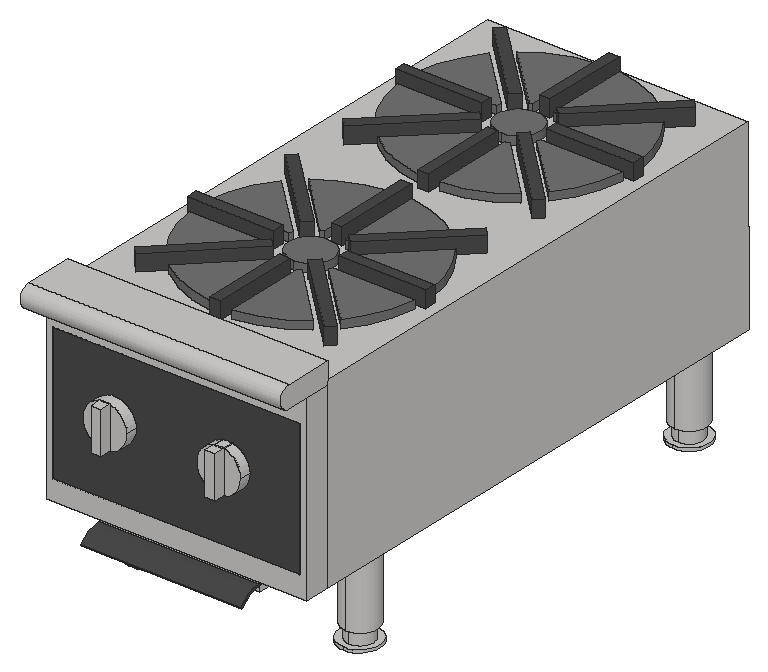
Revit family "QF_Vollrath_40736", category Specialty Equipment, Revit 2016 (continued)
Automatic sketch dimensions
  plane 28 to Extrusion 15 sketch curve = 0' - 0"
  Extrusion 15 sketch curve to plane 28 = 0' - 0"
  Extrusion 15 sketch curve to plane 23 = 0' - 0"
  Extrusion 15 sketch curve to plane 24 = 0' - 0"
  Extrusion 15 sketch curve to plane 29 = 0' - 0"
  Extrusion 15 sketch curve to plane 30 = 0' - 0"  (x2)
  plane 29 to Extrusion 15 sketch curve = 0' - 0"
  Extrusion 15 sketch curve to plane 25 = 0' - 0"
  plane 14 to Extrusion 15 sketch curve = 0' - 0.63684"
  plane 12 to Extrusion 15 sketch curve = 0' - 0.632"
  Extrusion 15 sketch curve to plane 24 = 0' - 0.82305"
  plane 23 to Extrusion 15 sketch curve = 0' - 0.82305"
  Extrusion 15 sketch curve to plane 13 = 0' - 0.25242"  (x2)
  Extrusion 15 sketch curve to Extrusion 15 sketch curve = 0' - 4"
  Extrusion 15 sketch curve to plane 13 = 0' - 0.82563"  (x2)
  plane 13 to Extrusion 15 sketch curve = 0' - 0.82079"  (x2)
  Extrusion 15 sketch curve to Extrusion 15 sketch curve = 0' - 0.57321"  (x4)
  Extrusion 15 sketch curve to Extrusion 15 sketch curve = 0' - 0 1/2"  (x2)
  Extrusion 15 sketch curve to plane 13 = 0' - 1.17919"
  plane 13 to Extrusion 15 sketch curve = 0' - 1.17435"
  Extrusion 15 sketch curve to Extrusion 15 sketch curve = 0' - 0.32323"  (x3)
  plane 13 to Extrusion 15 sketch curve = 0' - 0.24758"  (x2)
  Extrusion 16 sketch curve to Extrusion 16 sketch curve = 0' - 0"  (x274)
  plane 13 to Extrusion 16 sketch curve = 0' - 0.49758"  (x2)
  Extrusion 16 sketch curve to plane 11 "BACK" = 0' - 10.92422"
  Extrusion 16 sketch curve to plane 12 = 0' - 0.37683"  (x2)
  Extrusion 16 sketch curve to Extrusion 16 sketch curve = 0' - 1.16583"  (x2)
  Extrusion 16 sketch curve to plane 14 = 0' - 0.37198"  (x2)
  plane 12 to Extrusion 16 sketch curve = 0' - 0.33028"  (x2)
  Extrusion 16 sketch curve to Extrusion 16 sketch curve = 0' - 0.70711"  (x9)
  plane 14 to Extrusion 16 sketch curve = 0' - 0.33512"  (x2)
  Extrusion 16 sketch curve to plane 13 = 0' - 0.50242"
  Extrusion 16 sketch curve to Extrusion 16 sketch curve = 0' - 1.4142"
  Extrusion 16 sketch curve to Extrusion 16 sketch curve = 0' - 0.06066"  (x3)
  Extrusion 16 sketch curve to plane 13 = 0' - 0.64886"  (x2)
  plane 13 to Extrusion 16 sketch curve = 0' - 1.35112"
  Extrusion 16 sketch curve to plane 13 = 0' - 1.35596"  (x2)
  Extrusion 16 sketch curve to Extrusion 16 sketch curve = 0' - 0.14644"  (x4)
  Extrusion 16 sketch curve to Extrusion 16 sketch curve = 0' - 1"  (x2)
  Extrusion 16 sketch curve to plane 11 "BACK" = 0' - 2.42216"  (x2)
  Extrusion 17 sketch curve to plane 4 "LEFT CLEARANCE" = 0' - 0"
  Extrusion 17 sketch curve to plane 7 "FRONT" = 0' - 0"
  Extrusion 17 sketch curve to plane 6 "BACK CLEARANCE" = 0' - 0"
  Extrusion 17 sketch curve to plane 9 "LEFT" = 0' - 0"
  Extrusion 18 sketch curve to plane 7 "FRONT" = 0' - 0"
  Extrusion 18 sketch curve to plane 6 "BACK CLEARANCE" = 0' - 0"
  Extrusion 18 sketch curve to plane 5 "RIGHT CLEARANCE" = 0' - 0"
  Extrusion 18 sketch curve to plane 10 "RIGHT" = 0' - 0"
  Extrusion 19 sketch curve to plane 9 "LEFT" = 0' - 0"
  Extrusion 19 sketch curve to plane 11 "BACK" = 0' - 0"
  Extrusion 19 sketch curve to plane 6 "BACK CLEARANCE" = 0' - 0"
  Extrusion 19 sketch curve to plane 10 "RIGHT" = 0' - 0"
  Extrusion 20 sketch curve to plane 14 = 0' - 0"
  plane 33 to Extrusion 21 sketch curve = 0' - 0 3/8"
  Extrusion 21 sketch curve to plane 8 "Top of Legs" = 0' - 0"
  Extrusion 21 sketch curve to plane 11 "BACK" = 0' - 0"
  plane 7 "FRONT" to Extrusion 21 sketch curve = 0' - 2 3/4"
  plane 7 "FRONT" to Extrusion 22 sketch curve = 0' - 0.50801"
  Extrusion 22 sketch curve to plane 3 "TOP" = 0' - 0.01323"
  Extrusion 22 sketch curve to Extrusion 22 sketch curve = 0' - 0.01765"
  Extrusion 22 sketch curve to plane 31 = 0' - 0.24042"
  Extrusion 22 sketch curve to Extrusion 22 sketch curve = 0' - 2.24199"
  Extrusion 23 sketch curve to plane 34 = 0' - 0"
  Extrusion 23 sketch curve to plane 35 = 0' - 0"
  plane 9 "LEFT" to Extrusion 23 sketch curve = 0' - 0.31494"
  Extrusion 23 sketch curve to plane 12 = 0' - 0.81728"
  Extrusion 23 sketch curve to plane 14 = 0' - 1.31066"
  plane 10 "RIGHT" to Extrusion 23 sketch curve = 0' - 0.32426"
  Extrusion 23 sketch curve to plane 35 = 0' - 2.88336"  (x2)
  Extrusion 24 sketch curve to plane 8 "Top of Legs" = 0' - 0"
  Extrusion 24 sketch curve to plane 9 "LEFT" = 0' - 0"
  plane 10 "RIGHT" to Extrusion 24 sketch curve = 0' - 0"
  plane 9 "LEFT" to Extrusion 24 sketch curve = 0' - 0.31494"
  plane 10 "RIGHT" to Extrusion 24 sketch curve = 0' - 0.32426"
  Extrusion 24 sketch curve to plane 31 = 0' - 0.24042"
  Extrusion 26 sketch curve to plane 12 = 0' - 0.57374"
  Extrusion 26 sketch curve to Extrusion 26 sketch curve = 0' - 0.45227"
  plane 34 to Extrusion 26 sketch curve = 0' - 2.42017"
  Extrusion 26 sketch curve to plane 35 = 0' - 1.91347"
  Extrusion 27 sketch curve to plane 14 = 0' - 1.5542"
  Extrusion 27 sketch curve to Extrusion 27 sketch curve = 0' - 0.45227"
  plane 34 to Extrusion 27 sketch curve = 0' - 2.42017"
  Extrusion 27 sketch curve to plane 35 = 0' - 1.91347"
  plane 12 to Extrusion 28 sketch curve = 0' - 0"
  Extrusion 28 sketch curve to plane 8 "Top of Legs" = 0' - 0.27102"
  plane 5 "RIGHT CLEARANCE" to Extrusion 28 sketch curve = 0' - 8.31103"
  Extrusion 28 sketch curve to plane 8 "Top of Legs" = 0' - 0.02102"
  plane 12 to Extrusion 29 sketch curve = 0' - 0"
  Extrusion 29 sketch curve to plane 8 "Top of Legs" = 0' - 0.52102"
  plane 5 "RIGHT CLEARANCE" to Extrusion 29 sketch curve = 0' - 8.31103"
  Extrusion 29 sketch curve to Extrusion 29 sketch curve = 0' - 0 1/4"
  plane 7 "FRONT" to Extrusion 30 sketch curve = 0' - 0.60069"
  Extrusion 30 sketch curve to Extrusion 30 sketch curve = 0' - 0.06363"  (x3)
  Extrusion 30 sketch curve to plane 8 "Top of Legs" = 0' - 0.20354"
  Extrusion 30 sketch curve to Extrusion 30 sketch curve = 0' - 1.02888"
  Extrusion 30 sketch curve to Extrusion 30 sketch curve = 0' - 1.09181"
  Extrusion 30 sketch curve to Extrusion 30 sketch curve = 0' - 0.06748"
  Extrusion 30 sketch curve to Extrusion 30 sketch curve = 0' - 0.43819"
  radius of Extrusion 1 sketch curve = 0' - 0 15/16"
  radius of Extrusion 2 sketch curve = 0' - 0 5/8"
  radius of Extrusion 3 sketch curve = 0' - 0 13/16"
  radius of Extrusion 4 sketch curve = 0' - 0 15/16"
  radius of Extrusion 5 sketch curve = 0' - 0 5/8"
  radius of Extrusion 6 sketch curve = 0' - 0 13/16"
  radius of Extrusion 7 sketch curve = 0' - 0 15/16"
  radius of Extrusion 8 sketch curve = 0' - 0 5/8"
  radius of Extrusion 9 sketch curve = 0' - 0 13/16"
  radius of Extrusion 10 sketch curve = 0' - 0 15/16"
  radius of Extrusion 11 sketch curve = 0' - 0 5/8"
  radius of Extrusion 12 sketch curve = 0' - 0 13/16"
  radius of Extrusion 14 sketch curve = 0' - 1"
  radius of Extrusion 16 sketch curve = 0' - 1"
  radius of Extrusion 20 sketch curve = 0' - 0 3/8"
  radius of Extrusion 23 sketch curve = 0' - 1"  (x2)
Connectors (in)
  piping at (-15.03179, 0.37026, 41.5), diameter 0.75
    settings: on Extrusion 20, index 1, connector inside diameter 3/4", connector length 0' - 0", flow factor 0, pipe flow 0 GPM, pressure drop 0.00 psi, fitting loss kfactor 0, connector angle 0.00°, fixture units 0, engagement length 0' - 0", angle of deflection 0.00°, flow configuration 1, flow direction 1, fitting loss method 0, system type 22, joint type 0, gender type 0, connector reference index -1, connector utility 0, adjustable connector no, is connector primary yes, connector description "Gas Connection"
